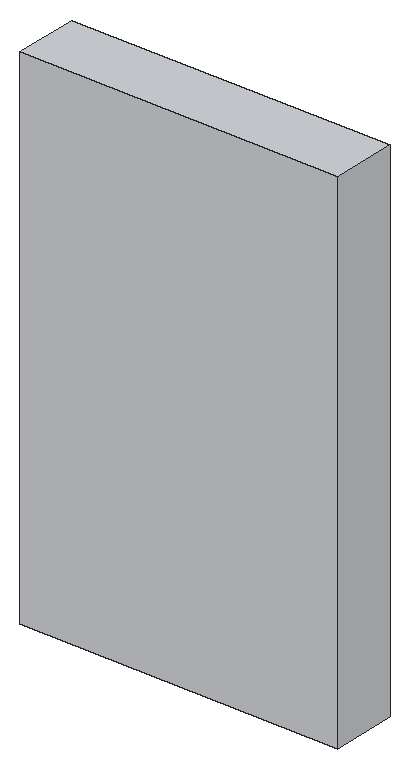
Revit family "Lighting_Fixture-Wall-Astro-Mashikoccccc", category Lighting Fixtures, host Face, Revit 2014
Parameters (values of type "0911 Mashiko 900")
  Width = 80.00 mm
  Weight = "3.46kg"
  Wattage Comments = "39w"
  Wattage = 9.2903 W
  built-in parameter 1150110 = 1 (stored number, unit not read)
  Voltage = 230 V
  URL = "www.astrolighting.co.uk"
  Type Comments = "Includes integral electronic ballast. Can be mounted horizontally or vertically."
  built-in parameter 1114217 = 1 (stored number, unit not read)
  Tilt Angle = 90.00°
  built-in parameter 1150109 = 1 (stored number, unit not read)
  built-in parameter 1150134 = 3
  built-in parameter 1150113 = 1 (stored number, unit not read)
  Suitable for bathroom zone = "Zones 2 and 3"
  Product Documentation = "http://www.astrolighting.co.uk/products/kw/0911/0911_Mashiko-900"
  Photometric Web File = "0911 MASHIKO 900.ies"
  Number of Poles = 1
  Mountable on normally flammable surfaces = "Yes"
  Model = "0911 Mashiko 900"
  Manufacturer = "Astro Lighting Ltd, CM20 2DP"
  built-in parameter 1150105 = 109.82 (stored number, unit not read)
  Lumens = 1380 lm
  Luminaire Lamp Efficiency Rating = "A-C"
  built-in parameter 1150115 = 1 (stored number, unit not read)
  Light Source From Wall = 40.00 mm  # constant formula
  built-in parameter 1150137 = (empty or 0)
  built-in parameter 1150139 = (empty or 0)
  Length = 80.00 mm
  Lamp included = "No"
  built-in parameter 1150112 = 1 (stored number, unit not read)
  built-in parameter 1150114 = 1 (stored number, unit not read)
  Lamp = "T5"
  built-in parameter 1150132 = (empty or 0)
  built-in parameter 1150102 = (empty or 0)
  built-in parameter 1150107 = 3200 (stored number, unit not read)
  built-in parameter 1150138 = (empty or 0)
  built-in parameter 1150106 = 1.0982 (stored number, unit not read)
  IP Rating = "IP44"
  Height = 910.00 mm
  Energy Efficiency Rating = ""
  Emit from Rectangle Width = 880.00 mm
  Emit from Rectangle Length = 60.00 mm
  Emit Shape Visible in Rendering = no
  built-in parameter 1150104 = 13.8 (stored number, unit not read)
  Dimming Lamp Color Temperature Shift = <None>
  Dimmable = "No"
  Diffuser Length = 435.00 mm
  Description = "Mirror Light"
  Default Elevation [instance] = 1700.00 mm
  Connector Placement = 200.00 mm
  Color Filter = 16777215
  Class = 2
  Casing Material = Astro - Steel - Chrome Finish
  Manufacturer Contact = "01279 427001"
  built-in parameter 1114218 = 1 (stored number, unit not read)
  built-in parameter 1150133 = 10 (stored number, unit not read)
  Assembly Code = "D5020200"
  Apparent Load = 37.62 VA
  900 Visibility = yes
Types (7, lengths in mm): name | Weight | Wattage Comments | Type Comments | Product Documentation | Photometric Web File | Model | Luminaire Lamp Efficiency Rating | Lamp included | Lamp | Height | Emit from Rectangle Width | Diffuser Length | Description | Connector Placement | Class | Casing Material | Apparent Load | 900 Visibility
  0550 Mashiko 360 | "1.7kg" | "18w" | "Can be mounted horizontally or vertically. Includes internal electronic ballast." | "http://www.astrolighting.co.uk/products/kw/0550/0550_Mashiko-360" | "0550 MASHIKO 360.ies" | "0550 Mashiko 360" | "B" | "No" | "2G11" | 360.00 | 330.00 | 330.00 | "Wall Light" | 275.00 | 2 | Astro - Steel - Chrome Finish | 13 VA | no
  7099 Mashiko 360 LED | "1.4kg" | "7.2w" | "Can be mounted horizontally or vertically. Includes integral LED driver." | "http://www.astrolighting.co.uk/products/kw/7099/7099_Mashiko-360-LED" | "MASHIKO LED 360.ies" | "7099 Mashiko 360 LED" | "A" | "Yes" | "LED" | 360.00 | 330.00 | 330.00 | "Wall Light" | 275.00 | 2 | Astro - Steel - Chrome Finish | 7.94 VA | no
  0583 Mashiko 500 | "2.3kg" | "36w" | "Can be mounted horizontally or vertically. Includes internal electronic ballast." | "http://www.astrolighting.co.uk/products/kw/0583/0583_Mashiko-500" | "0583 MASHIKO 500.ies" | "0583 Mashiko 500" | "B" | "No" | "2G11" | 510.00 | 480.00 | 480.00 | "Wall Light" | 468.00 | 1 | Astro - Steel - Chrome Finish | 32.7 VA | no
  0878 Mashiko 600 | "2.43kg" | "24w" | "Can be mounted horizontally or vertically. Includes internal electronic ballast." | "http://www.astrolighting.co.uk/products/kw/0878/0878_Mashiko-600" | "0878 MASHIKO 600.ies" | "0878 Mashiko 600" | "A-C" | "No" | "T5" | 610.00 | 580.00 | 580.00 | "Mirror Light" | 107.50 | 2 | Astro - Steel - Chrome Finish | 21.08 VA | no
  7134 Mashiko 600 LED | "2.09kg" | "10.8w" | "Can be mounted horizontally or vertically. Includes integral LED driver." | "http://www.astrolighting.co.uk/products/kw/7134/7134_Mashiko-600-LED" | "7134MASHIKO LED 600.ies" | "7134 Mashiko 600 LED" | "A" | "Yes" | "LED" | 610.00 | 580.00 | 580.00 | "Mirror Light" | 107.50 | 2 | Astro - Steel - Chrome Finish | 15.53 VA | no
  0911 Mashiko 900 | "3.46kg" | "39w" | "Includes integral electronic ballast. Can be mounted horizontally or vertically." | "http://www.astrolighting.co.uk/products/kw/0911/0911_Mashiko-900" | "0911 MASHIKO 900.ies" | "0911 Mashiko 900" | "A-C" | "No" | "T5" | 910.00 | 880.00 | 435.00 | "Mirror Light" | 200.00 | 2 | Astro - Steel - Chrome Finish | 37.62 VA | yes
  7043 Mashiko 360 (Silver) | "1.7kg" | "18w" | "Can be mounted horizontally or vertically. Includes internal electronic ballast." | "http://www.astrolighting.co.uk/products/kw/0550/0550_Mashiko-360" | "0550 MASHIKO 360.ies" | "7043 Mashiko 360 Silver" | "B" | "No" | "2G11" | 360.00 | 330.00 | 330.00 | "Wall Light" | 275.00 | 2 | Astro - Steel - Silver Paint | 13 VA | no
Reference planes
  plane 1: y = -75
  plane 2 "Light Source Axis (L/R)": x = 125
  plane 3 "Light Source Axis (F/R)": y = 40
  plane 4 "Light Source Elevation": z = 1600
  plane 5: y = -150
  plane 6 "Center (Elevation)": z = 1600
  plane 7: z = 0
  plane 8 "Top": z = 2055
  plane 9 "Bottom": z = 1145
  plane 10 "Left": x = 165
  plane 11 "Right": x = 85
  plane 12 "Front": y = 80
  plane 13: y = 0
  plane 14: z = 2050
  plane 15: z = 1150
  plane 16: z = 2040
  plane 17: z = 1160
  plane 18: x = 95
  plane 19: x = 155
  plane 20: y = 70
  plane 21: y = 10
Forms (mm)
  Extrusion 1, solid
    sketch origin (140, -150, 1500) x (0, 0, 1) y (1, 0, 0)
      loop
        line (-500, -385.69) -> (680, -385.69) -> (680, 345) -> (-500, 345) -> (-500, -385.69)
    from 0 to 150
  Extrusion 2, solid, material "Astro - Steel - Chrome Finish" <- "Casing Material"
    sketch origin (919.786, 225, 2055) x (1, 0, 0) y (0, 1, 0)
      loop
        arc (-828.786, -150) -> (-829.493, -150.293) -> (-829.786, -151) r 1
        line (-829.786, -151) -> (-829.786, -225) -> (-759.786, -225) -> (-759.786, -151)
        arc (-759.786, -151) -> (-760.079, -150.293) -> (-760.786, -150) r 1
        line (-760.786, -150) -> (-828.786, -150)
    from 0 to -5
  Extrusion 3, solid, material "Astro - Steel - Chrome Finish" <- "Casing Material"
    sketch origin (980.916, 225, 1145) x (1, 0, 0) y (0, 1, 0)
      loop
        arc (-889.916, -150) -> (-890.623, -150.293) -> (-890.916, -151) r 1
        line (-890.916, -151) -> (-890.916, -225) -> (-820.916, -225) -> (-820.916, -151)
        arc (-820.916, -151) -> (-821.209, -150.293) -> (-821.916, -150) r 1
        line (-821.916, -150) -> (-889.916, -150)
    from 0 to 5
  Extrusion 4, solid, material "Astro - Steel - Chrome Finish" <- "Casing Material"
    sketch origin (1573.638, 225, 1600) x (1, 0, 0) y (0, 1, 0)
      loop
        arc (-1487.138, -145) -> (-1488.199, -145.439) -> (-1488.638, -146.5) r 1.5
        line (-1488.638, -146.5) -> (-1488.638, -155) -> (-1478.638, -155) -> (-1478.638, -145) -> (-1487.138, -145)
      loop
        line (-1488.638, -225) -> (-1478.638, -225) -> (-1478.638, -215) -> (-1488.638, -215) -> (-1488.638, -225)
      loop
        line (-1408.638, -225) -> (-1408.638, -215) -> (-1418.638, -215) -> (-1418.638, -225) -> (-1408.638, -225)
      loop
        line (-1418.638, -145) -> (-1418.638, -155) -> (-1408.638, -155) -> (-1408.638, -146.5)
        arc (-1408.638, -146.5) -> (-1409.078, -145.439) -> (-1410.138, -145) r 1.5
        line (-1410.138, -145) -> (-1418.638, -145)
    from -440 to 440
  Extrusion 5, solid, material "Astro - Steel - Chrome Finish" <- "Casing Material"
    sketch origin (365.765, 225, 2050) x (1, 0, 0) y (0, 1, 0)
      loop
        line (-270.765, -155) -> (-270.765, -215) -> (-210.765, -215) -> (-210.765, -155) -> (-270.765, -155)
      loop
        arc (-279.265, -145) -> (-280.326, -145.439) -> (-280.765, -146.5) r 1.5
        line (-280.765, -146.5) -> (-280.765, -225) -> (-200.765, -225) -> (-200.765, -146.5)
        arc (-200.765, -146.5) -> (-201.204, -145.439) -> (-202.265, -145) r 1.5
        line (-202.265, -145) -> (-279.265, -145)
    from -10 to 0
  Extrusion 6, solid, material "Astro - Steel - Chrome Finish" <- "Casing Material"
    sketch origin (365.765, 225, 1150) x (1, 0, 0) y (0, 1, 0)
      loop
        line (-270.765, -155) -> (-270.765, -215) -> (-210.765, -215) -> (-210.765, -155) -> (-270.765, -155)
      loop
        arc (-279.265, -145) -> (-280.326, -145.439) -> (-280.765, -146.5) r 1.5
        line (-280.765, -146.5) -> (-280.765, -225) -> (-200.765, -225) -> (-200.765, -146.5)
        arc (-200.765, -146.5) -> (-201.204, -145.439) -> (-202.265, -145) r 1.5
        line (-202.265, -145) -> (-279.265, -145)
    from 0 to 10
  Extrusion 7, solid, material "Astro - Polycarbonate - White"
    sketch origin (1573.638, 225, 1600) x (1, 0, 0) y (0, 1, 0)
      loop
        line (-1478.638, -145) -> (-1478.638, -147) -> (-1418.638, -147) -> (-1418.638, -145) -> (-1478.638, -145)
      loop
        line (-1488.638, -215) -> (-1486.638, -215) -> (-1486.638, -155) -> (-1488.638, -155) -> (-1488.638, -215)
      loop
        line (-1408.638, -215) -> (-1408.638, -155) -> (-1410.638, -155) -> (-1410.638, -215) -> (-1408.638, -215)
    from 5 to 440
  Extrusion 8, solid, material "Astro - Steel - Chrome Finish" <- "Casing Material", visible <- "900 Visibility"
    sketch origin (1573.638, 225, 1600) x (1, 0, 0) y (0, 1, 0)
      loop
        line (-1408.638, -215) -> (-1408.638, -155) -> (-1418.638, -155) -> (-1418.638, -215) -> (-1408.638, -215)
      loop
        line (-1488.638, -215) -> (-1478.638, -215) -> (-1478.638, -155) -> (-1488.638, -155) -> (-1488.638, -215)
    from -5 to 5
  Extrusion 9, solid, material "Astro - Steel - Chrome Finish" <- "Casing Material", visible <- "900 Visibility"
    sketch origin (1573.638, 225, 1600) x (1, 0, 0) y (0, 1, 0)
      loop
        line (-1478.638, -145) -> (-1478.638, -155) -> (-1418.638, -155) -> (-1418.638, -145) -> (-1478.638, -145)
    from -5 to 5
  Extrusion 10, solid, material "Astro - Polycarbonate - White", visible <- "900 Visibility"
    sketch origin (980.916, 225, 1145) x (1, 0, 0) y (0, 1, 0)
      loop
        line (-885.916, -145) -> (-885.916, -147) -> (-825.916, -147) -> (-825.916, -145) -> (-885.916, -145)
      loop
        line (-895.916, -215) -> (-893.916, -215) -> (-893.916, -155) -> (-895.916, -155) -> (-895.916, -215)
      loop
        line (-815.916, -215) -> (-815.916, -155) -> (-817.916, -155) -> (-817.916, -215) -> (-815.916, -215)
    from 15 to 450
  Extrusion 11, solid, material "Astro - Steel - Chrome Finish" <- "Casing Material"
    sketch origin (-969.65, 0, 4000) x (-1, 0, 0) y (0, 0, 1)
      loop
        line (-1124.65, -1960) -> (-1124.65, -2840) -> (-1064.65, -2840) -> (-1064.65, -1960) -> (-1124.65, -1960)
      loop
        circle (-1094.65, -2145) r 8.5
    from 0 to 2.5
Cuts and joins
  joined: Extrusion 4, Extrusion 5, Extrusion 6
Text (mm)
  text "Placement side" at (-207.533, 216.883, 0), in view "Ref. Level"
  text "Placement side" at (0, 441.086, 2089.4), in view "Left"
  text "Placement side" at (0, 628.478, 3011.967), in view "Right"
Dimensions and locks
  equal spacing: plane 9 "Bottom", plane 6 "Center (Elevation)", plane 8 "Top"
  "Height": plane 9 "Bottom" to plane 8 "Top"
  equal spacing: plane 11 "Right", plane 2 "Light Source Axis (L/R)", plane 10 "Left"
  "Width": plane 11 "Right" to plane 10 "Left"
  locked: plane 1 to plane 13 at 75
  "Length": plane 12 "Front" to plane 13
  "Light Source From Wall": plane 3 "Light Source Axis (F/R)" to plane 13
  locked: plane 14 to plane 8 "Top" at 5
  locked: plane 9 "Bottom" to plane 15 at 5
  locked: plane 16 to plane 8 "Top" at 15
  locked: plane 9 "Bottom" to plane 17 at 15
  locked: plane 11 "Right" to Extrusion 2 sketch curve at 5
  locked: Extrusion 2 sketch curve to plane 10 "Left" at 5
  locked: plane 12 "Front" to Extrusion 2 sketch curve at 5
  locked: plane 12 "Front" to Extrusion 2 sketch curve at 6  (x2)
  locked: Extrusion 2 sketch curve to plane 10 "Left" at 6
  locked: plane 11 "Right" to Extrusion 2 sketch curve at 6
  locked: plane 11 "Right" to Extrusion 3 sketch curve at 5
  locked: Extrusion 3 sketch curve to plane 10 "Left" at 5
  locked: plane 12 "Front" to Extrusion 3 sketch curve at 5
  locked: plane 11 "Right" to Extrusion 3 sketch curve at 6
  locked: Extrusion 3 sketch curve to plane 10 "Left" at 6
  locked: plane 12 "Front" to Extrusion 3 sketch curve at 6  (x2)
  locked: plane 21 to plane 13 at 10
  locked: plane 12 "Front" to plane 20 at 10
  locked: plane 11 "Right" to plane 18 at 10
  locked: plane 19 to plane 10 "Left" at 10
  locked: plane 11 "Right" to Extrusion 4 sketch curve at 1.5
  locked: Extrusion 4 sketch curve to plane 10 "Left" at 1.5
  locked: plane 12 "Front" to Extrusion 4 sketch curve at 1.5  (x2)
  locked: Extrusion 5 sketch curve to plane 10 "Left" at 1.5
  locked: plane 12 "Front" to Extrusion 5 sketch curve at 1.5  (x2)
  locked: plane 11 "Right" to Extrusion 5 sketch curve at 1.5
  locked: Extrusion 6 sketch curve to plane 10 "Left" at 1.5
  locked: plane 12 "Front" to Extrusion 6 sketch curve at 1.5  (x2)
  locked: plane 11 "Right" to Extrusion 6 sketch curve at 1.5
  locked: plane 11 "Right" to Extrusion 7 sketch curve at 2
  locked: Extrusion 7 sketch curve to plane 10 "Left" at 2
  locked: plane 12 "Front" to Extrusion 7 sketch curve at 2
  equal spacing: Extrusion 9, plane 6 "Center (Elevation)", Extrusion 9
  locked: Extrusion 9 to Extrusion 9 at 10
  "Diffuser Length": Extrusion 7 to plane 16
  locked: plane 11 "Right" to Extrusion 10 sketch curve at 2
  locked: Extrusion 10 sketch curve to plane 10 "Left" at 2
  locked: plane 12 "Front" to Extrusion 10 sketch curve at 2
  "Diffuser Length": plane 17 to Extrusion 10
  locked: Extrusion 11 to plane 13 at 2.5
  "Connector Placement": Extrusion 11 sketch curve to plane 8 "Top"
  aligned and locked: plane 13 to Extrusion 2 sketch curve
  aligned and locked: Extrusion 2 to plane 8 "Top"
  aligned and locked: Extrusion 2 to plane 14
  aligned and locked: plane 13 to Extrusion 3 sketch curve
  aligned and locked: Extrusion 3 to plane 9 "Bottom"
  aligned and locked: plane 15 to Extrusion 3
  aligned and locked: Extrusion 4 sketch curve to plane 12 "Front"
  aligned and locked: Extrusion 4 sketch curve to plane 11 "Right"
  aligned and locked: Extrusion 4 sketch curve to plane 10 "Left"
  aligned and locked: Extrusion 4 sketch curve to plane 20
  aligned and locked: Extrusion 4 sketch curve to plane 18
  aligned and locked: Extrusion 4 sketch curve to plane 19
  aligned and locked: Extrusion 4 sketch curve to plane 21
  aligned and locked: Extrusion 4 sketch curve to plane 13
  aligned and locked: Extrusion 4 to plane 17
  aligned and locked: plane 16 to Extrusion 4
  aligned and locked: Extrusion 5 sketch curve to plane 20
  aligned and locked: Extrusion 5 sketch curve to plane 21
  aligned and locked: Extrusion 5 sketch curve to plane 18
  aligned and locked: Extrusion 5 sketch curve to plane 19
  aligned and locked: Extrusion 5 sketch curve to plane 12 "Front"
  aligned and locked: Extrusion 5 sketch curve to plane 11 "Right"
  aligned and locked: Extrusion 5 sketch curve to plane 10 "Left"
  aligned and locked: Extrusion 5 sketch curve to plane 13
  aligned and locked: Extrusion 5 to plane 16
  aligned and locked: plane 14 to Extrusion 5
  aligned and locked: Extrusion 6 sketch curve to plane 20
  aligned and locked: Extrusion 6 sketch curve to plane 12 "Front"
  aligned and locked: Extrusion 6 sketch curve to plane 11 "Right"
  aligned and locked: Extrusion 6 sketch curve to plane 18
  aligned and locked: Extrusion 6 sketch curve to plane 19
  aligned and locked: Extrusion 6 sketch curve to plane 10 "Left"
  aligned and locked: Extrusion 6 sketch curve to plane 21
  aligned and locked: Extrusion 6 sketch curve to plane 13
  aligned and locked: Extrusion 6 to plane 15
  aligned and locked: plane 17 to Extrusion 6
  aligned and locked: Extrusion 7 sketch curve to plane 11 "Right"
  aligned and locked: Extrusion 7 sketch curve to plane 10 "Left"
  aligned and locked: Extrusion 7 sketch curve to plane 20
  aligned and locked: Extrusion 7 sketch curve to plane 19
  aligned and locked: Extrusion 7 sketch curve to plane 21  (x2)
  aligned and locked: plane 16 to Extrusion 7
  aligned and locked: Extrusion 8 sketch curve to plane 10 "Left"
  aligned and locked: Extrusion 8 sketch curve to plane 11 "Right"
  aligned and locked: Extrusion 8 sketch curve to plane 18
  aligned and locked: Extrusion 8 sketch curve to plane 19
  aligned and locked: Extrusion 8 sketch curve to plane 20
  aligned and locked: plane 20 to Extrusion 8 sketch curve
  aligned and locked: plane 18 to Extrusion 9 sketch curve
  aligned and locked: Extrusion 9 sketch curve to plane 19
  aligned and locked: Extrusion 9 sketch curve to plane 12 "Front"
  aligned and locked: plane 20 to Extrusion 9 sketch curve
  aligned and locked: Extrusion 8 to Extrusion 9  (x2)
  aligned and locked: Extrusion 8 sketch curve to plane 21
  aligned and locked: Extrusion 10 sketch curve to plane 12 "Front"
  aligned and locked: Extrusion 10 sketch curve to plane 11 "Right"
  aligned and locked: Extrusion 10 sketch curve to plane 10 "Left"
  aligned and locked: Extrusion 10 sketch curve to plane 21
  aligned and locked: Extrusion 10 sketch curve to plane 20  (x2)
  aligned and locked: Extrusion 10 sketch curve to plane 18
  aligned and locked: Extrusion 10 sketch curve to plane 19
  aligned and locked: Extrusion 10 to plane 17
  aligned and locked: Extrusion 11 sketch curve to plane 16
  aligned and locked: plane 17 to Extrusion 11 sketch curve
  aligned and locked: Extrusion 11 sketch curve to plane 19
  aligned and locked: plane 18 to Extrusion 11 sketch curve
  aligned and locked: plane 2 "Light Source Axis (L/R)" to Extrusion 11 sketch curve
  aligned and locked: plane 4 "Light Source Elevation" to plane 6 "Center (Elevation)"
  aligned and locked: plane 2 "Light Source Axis (L/R)" to imposter light
  aligned and locked: plane 3 "Light Source Axis (F/R)" to imposter light
  aligned and locked: plane 6 "Center (Elevation)" to imposter light
Automatic sketch dimensions
  Extrusion 1 sketch curve to Extrusion 1 sketch curve = 1180.00 mm
  Extrusion 1 sketch curve to Extrusion 1 sketch curve = 730.69 mm
  Extrusion 4 sketch curve to plane 12 "Front" = 0.00 mm
  Extrusion 4 sketch curve to plane 20 = 0.00 mm
  Extrusion 4 sketch curve to plane 19 = 0.00 mm
  Extrusion 4 sketch curve to plane 18 = 0.00 mm
  Extrusion 4 sketch curve to plane 13 = 0.00 mm
  Extrusion 4 sketch curve to plane 21 = 0.00 mm
  Extrusion 7 sketch curve to plane 12 "Front" = 0.00 mm
  Extrusion 7 sketch curve to Extrusion 7 sketch curve = 0.00 mm
  Extrusion 7 sketch curve to plane 18 = 0.00 mm
  Extrusion 8 sketch curve to plane 21 = 0.00 mm
  Extrusion 10 sketch curve to plane 21 = 0.00 mm
  radius of Extrusion 11 sketch curve = 8.50 mm
Connectors
  electrical at (125, 0, 1855), driven by "Number of Poles", driven by "Voltage", driven by "Apparent Load"
    settings: on Extrusion 11, index 1, voltage 230 V, apparent load 0 VA, apparent load phase1 37.62 VA, apparent load phase2 0 VA, apparent load phase3 0 VA, power factor 1, load classification "Other", number of poles 1, system type 31, power factor state 1, is connector primary yes, connector utility no, sub classification motor no, connector description ""
